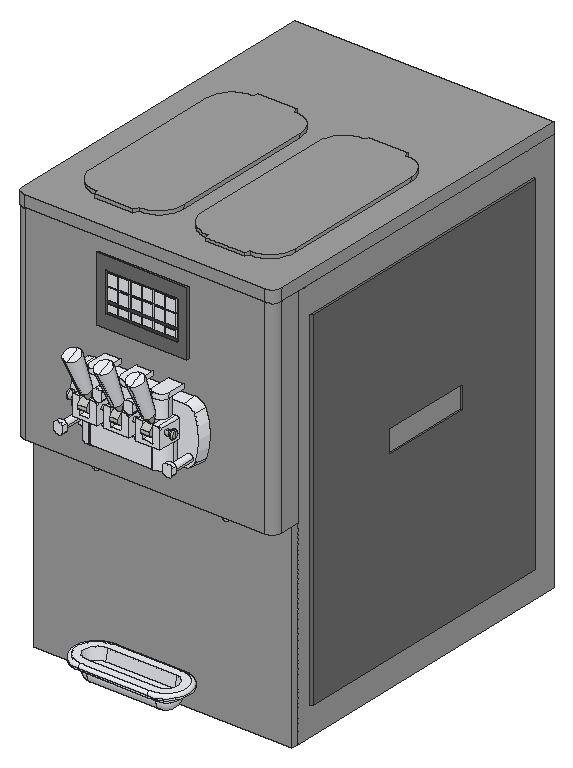
Revit family "QF_ELECTROLUXPROFESSIONAL_560075_POR214DPA3PHCM", category Specialty Equipment, Revit 2018
Family settings
  Round Connector Dimension = Use Diameter
  Part Type = Normal
  Work Plane-Based = No
  Always vertical = Yes
  Cut with Voids When Loaded = No
  Shared = No
  Room Calculation Point = No
Parameters
  Watts = 0 W
  HP = ""
  Direct Waste Size = 0 mm
Reference planes
  plane 1 "Center (Front/Back)": y = 0
  plane 2: z = 0
  plane 3 "Center (Left/Right)": x = 0
  plane 4 "BASE": z = 39
  plane 5 "TOP": z = 938
  plane 6 "FRONT": y = -417
  plane 7 "BACK": y = 483
  plane 8 "LEFT": x = -286
  plane 9 "RIGHT": x = 286
  plane 10 "PLANE": z = 125
  plane 11: z = 538
  plane 12: y = 324
  plane 13: y = -110
  plane 14: x = -173
  plane 15: x = 173
  plane 16: y = 462
  plane 17: y = 442
  plane 18 "Panel": y = -227
  plane 19 "CenterX": y = -330.377
  plane 20 "CenterYRight": x = 68
  plane 21 "DispenserX": z = 639.903
  plane 22 "HoleY": y = -352.094
  plane 23: y = -376
  plane 24: z = 744
  plane 25 "CenterYLeft": x = -68
Forms (mm)
  Extrusion 1, solid, material "QF_Finishes_Rubber Black"
    sketch origin (-26, 37, 0) x (1, 0, 0) y (0, 1, 0)
      loop
        circle (-147, 287) r 20
    from 30 to 0
  Extrusion 2, solid, material "QF_Finishes_Rubber Black"
    sketch origin (-26, 0, 0) x (1, 0, 0) y (0, 1, 0)
      loop
        circle (-147, -111) r 20
    from 30 to 0
  Extrusion 3, solid, material "QF_Finishes_Rubber Black"
    sketch origin (30.903, 37, 0) x (1, 0, 0) y (0, 1, 0)
      loop
        circle (142.097, 287) r 20
    from 30 to 0
  Extrusion 4, solid, material "QF_Finishes_Rubber Black"
    sketch origin (30.903, 0, 0) x (1, 0, 0) y (0, 1, 0)
      loop
        circle (142.097, -111) r 20
    from 30 to 0
  Extrusion 5, solid, material "QF_Finishes_Rubber Black"
    sketch origin (53.5, 0, 0) x (1, 0, 0) y (0, 1, 0)
      loop
        line (225.5, 410) -> (225.5, -198.201) -> (232.5, -191.201) -> (232.5, 403) -> (225.5, 410)
    from 94.387 to 848
  Extrusion 6, solid, material "QF_Finishes_Gray"
    sketch origin (0, 0, 0) x (1, 0, 0) y (0, 1, 0)
      loop
        line (-277.5, 462) -> (-277.5, -227) -> (279, -227) -> (279, 462) -> (-277.5, 462)
    from 906 to 30
  Extrusion 7, solid, material "QF_Finishes_Gray"
    sketch origin (120, 0, 0) x (1, 0, 0) y (0, 1, 0)
      loop
        line (-100, 152.026) -> (-100, -159.18)
        arc (-100, -159.18) -> (-83.917, -198.045) -> (-45.075, -214.18) r 55
        line (-45.075, -214.18) -> (-41.655, -223.577) -> (41.655, -223.577) -> (45.075, -214.18)
        arc (45.075, -214.18) -> (83.917, -198.045) -> (100, -159.18) r 55
        line (100, -159.18) -> (100, 152.026)
        arc (100, 152.026) -> (83.917, 190.89) -> (45.075, 207.026) r 55
        line (45.075, 207.026) -> (41.655, 216.423) -> (-41.655, 216.423) -> (-45.075, 207.026)
        arc (-45.075, 207.026) -> (-83.917, 190.89) -> (-100, 152.026) r 55
    from 938 to 931
  Extrusion 8, solid, material "QF_Finishes_Gray"
    sketch origin (0, 0, 0) x (1, 0, 0) y (0, 1, 0)
      loop
        line (-279, 462) -> (-279, -270.442)
        arc (-279, -270.442) -> (-273.142, -284.584) -> (-259, -290.442) r 20
        line (-259, -290.442) -> (259, -290.442)
        arc (259, -290.442) -> (273.142, -284.584) -> (279, -270.442) r 20
        line (279, -270.442) -> (279, 462) -> (-279, 462)
    from 931 to 906
  Extrusion 9, solid, material "QF_Finishes_Gray"
    sketch origin (0, 0, 0) x (1, 0, 0) y (0, 1, 0)
      loop
        arc (-277.5, -270.442) -> (-271.642, -284.584) -> (-257.5, -290.442) r 20
        line (-257.5, -290.442) -> (259, -290.442)
        arc (259, -290.442) -> (273.142, -284.584) -> (279, -270.442) r 20
        line (279, -270.442) -> (279, -227) -> (-277.5, -227) -> (-277.5, -270.442)
    from 458.874 to 906
  Extrusion 10, solid, material "QF_Finishes_Gray"
    sketch origin (0, 0, 0) x (1, 0, 0) y (0, 1, 0)
      loop
        line (-277.5, -227) -> (-277.5, -242) -> (279, -242) -> (279, -227) -> (-277.5, -227)
    from 30 to 458.874
  Extrusion 11, solid, material "QF_Finishes_Rubber Black"
    sketch origin (0, -417, 137) x (-1, 0, 0) y (0, 0, 1)
      loop
        line (-95, 742) -> (-95, 602) -> (100, 602) -> (100, 742) -> (-95, 742)
      loop
        line (80, 715) -> (-75, 715) -> (-75, 629) -> (80, 629) -> (80, 715)
    from 131.011 to 121
  Extrusion 12, solid, material "QF_Plastic-Black-Matte"
    sketch origin (0, -417, 137) x (-1, 0, 0) y (0, 0, 1)
      loop
        line (80, 715) -> (-75, 715) -> (-75, 629) -> (80, 629) -> (80, 715)
    from 131.011 to 123
  Blend 13, solid, material "QF_Finishes_White"
    base sketch origin (0, -417, 136.997) x (-1, 0, 0) y (0, 0, 1)
      loop
        arc (-108.068, 534.877) -> (-121.761, 530.793) -> (-130.981, 519.877) r 25
        arc (-130.981, 519.877) -> (-141.26, 470.627) -> (-130.981, 421.378) r 123.124
        arc (-130.981, 421.378) -> (-121.761, 410.462) -> (-108.068, 406.378) r 25
        line (-108.068, 406.378) -> (108.068, 406.378)
        arc (108.068, 406.378) -> (121.761, 410.462) -> (130.981, 421.378) r 25
        arc (130.981, 421.378) -> (141.26, 470.627) -> (130.981, 519.877) r 123.124
        arc (130.981, 519.877) -> (121.761, 530.793) -> (108.068, 534.877) r 25
        line (108.068, 534.877) -> (-108.068, 534.877)
    top sketch origin (0, -417, 136.997) x (-1, 0, 0) y (0, 0, 1)
      loop
        arc (-128.231, 518.677) -> (-138.26, 470.627) -> (-128.231, 422.578) r 120.124
        arc (-128.231, 422.578) -> (-120.118, 412.972) -> (-108.068, 409.378) r 22
        line (-108.068, 409.378) -> (108.068, 409.378)
        arc (108.068, 409.378) -> (120.118, 412.972) -> (128.231, 422.578) r 22
        arc (128.231, 422.578) -> (138.26, 470.627) -> (128.231, 518.677) r 120.124
        arc (128.231, 518.677) -> (120.118, 528.283) -> (108.068, 531.877) r 22
        line (108.068, 531.877) -> (-108.068, 531.877)
        arc (-108.068, 531.877) -> (-120.118, 528.283) -> (-128.231, 518.677) r 22
    from 126.558 to 100
  Sweep 14, solid, material "QF_Finishes_White"
    path origin (-49.912, 1.098, 0) x (1, 0, 0) y (0, 1, 0)
      loop
        arc (124.288, -377.098) -> (174.152, -327.234) -> (124.288, -277.37) r 49.864
        line (124.288, -277.37) -> (-24.465, -277.37)
        arc (-24.465, -277.37) -> (-74.329, -327.234) -> (-24.465, -377.098) r 49.864
        line (-24.465, -377.098) -> (124.288, -377.098)
    profile origin (0, -376, 0) x (0, -1, 0) y (0, 0, 1)
      loop
        arc (-44.804, 75.948) -> (-28.996, 82.496) -> (-22.447, 98.305) r 22.357
        line (-22.447, 98.305) -> (-20.953, 115.387) -> (0, 115.387) -> (0, 118.387)
        arc (0, 118.387) -> (-1.937, 123.063) -> (-6.613, 125) r 6.613
        line (-6.613, 125) -> (-23.219, 125) -> (-25.397, 100.095) -> (-44.804, 100.095) -> (-44.804, 75.948)
  Revolve 15, solid, material "QF_Finishes_White"
    sketch origin (19.411, -330.377, 136.997) x (-1, 0, 0) y (0, 0, 1)
      loop
        line (-22, 458.985) -> (-45.961, 458.985) -> (-45.961, 502.906) -> (-32, 502.906) -> (-32, 540.7) -> (-48.589, 540.7) -> (-48.589, 399)
        arc (-48.589, 399) -> (-35.782, 401.599) -> (-25, 408.985) r 32.856
        line (-25, 408.985) -> (-22, 408.985) -> (-22, 458.985)
      axis (-48.589, 399) -> (-48.589, 540.7)
    angle from 0 to 360
  Extrusion 16, solid, material "QF_Finishes_White"
    sketch origin (19.411, -417, 136.997) x (-1, 0, 0) y (0, 0, 1)
      loop
        line (-75.178, 458.985) -> (-22, 458.985) -> (-22, 497.906)
        arc (-22, 497.906) -> (-23.465, 501.442) -> (-27, 502.906) r 5
        line (-27, 502.906) -> (-37.291, 502.906) -> (-37.291, 466.693) -> (-59.888, 466.693) -> (-59.888, 502.906) -> (-70.178, 502.906)
        arc (-70.178, 502.906) -> (-73.714, 501.442) -> (-75.178, 497.906) r 5
        line (-75.178, 497.906) -> (-75.178, 458.985)
      loop
        line (-7.178, 458.985) -> (46, 458.985) -> (46, 497.906)
        arc (46, 497.906) -> (44.535, 501.442) -> (41, 502.906) r 5
        line (41, 502.906) -> (30.709, 502.906) -> (30.709, 466.693) -> (8.112, 466.693) -> (8.112, 502.906) -> (-2.178, 502.906)
        arc (-2.178, 502.906) -> (-5.714, 501.442) -> (-7.178, 497.906) r 5
        line (-7.178, 497.906) -> (-7.178, 458.985)
      loop
        line (60.822, 458.985) -> (114, 458.985) -> (114, 497.906)
        arc (114, 497.906) -> (112.535, 501.442) -> (109, 502.906) r 5
        line (109, 502.906) -> (98.709, 502.906) -> (98.709, 466.693) -> (76.112, 466.693) -> (76.112, 502.906) -> (65.822, 502.906)
        arc (65.822, 502.906) -> (62.286, 501.442) -> (60.822, 497.906) r 5
        line (60.822, 497.906) -> (60.822, 458.985)
    from 50 to 100
  Extrusion 17, solid, material "QF_Finishes_Stainless Steel"
    sketch origin (68, 0, 136.997) x (0, -1, 0) y (0, 0, 1)
      loop
        line (373.914, 482.086) -> (373.914, 490.013)
        arc (373.914, 490.013) -> (366.814, 497.612) -> (357.048, 501.185) r 22.391
        line (357.048, 501.185) -> (325.071, 496.12)
        arc (325.071, 496.12) -> (320.535, 488.808) -> (325.071, 481.495) r 8.163
        line (325.071, 481.495) -> (357.048, 476.43) -> (361.14, 476.43)
        arc (361.14, 476.43) -> (368.005, 478.177) -> (373.914, 482.086) r 21.226
    from -9 to 9
  Revolve 18, solid, material "QF_Finishes_Stainless Steel"
    sketch origin (68, -62.317, 96.738) x (0, -0.992546, 0.121869) y (0, 0.121869, 0.992546)
      loop
        line (359.559, 501.454) -> (369.701, 518.772) -> (359.942, 525.028) -> (355.825, 503.848) -> (359.559, 501.454)
      axis (359.559, 501.454) -> (369.937, 519.174)
    angle from 0 to 360
  Revolve 19, solid, material "QF_Finishes_White"
    sketch origin (68, -61.765, 96.738) x (0, -0.992546, 0.121869) y (0, 0.121869, 0.992546)
      loop
        line (360.214, 525.122) -> (370.502, 518.527) -> (414.51, 593.671) -> (399.928, 603.018) -> (360.214, 525.122)
      axis (370.502, 518.527) -> (414.862, 594.271)
    angle from 0 to 360
  Extrusion 20, solid, material "QF_Finishes_White"
    sketch origin (3, -417, 115.997) x (-1, 0, 0) y (0, 0, 1)
      loop
        circle (-114.635, 451.539) r 7.506
    from 50 to 100
  Extrusion 21, solid, material "QF_Finishes_White"
    sketch origin (3, -417, 116.997) x (-1, 0, 0) y (0, 0, 1)
      loop
        arc (-104.635, 459.044) -> (-114.635, 464.044) -> (-124.635, 459.044) r 12.5
        line (-124.635, 459.044) -> (-124.635, 444.044)
        arc (-124.635, 444.044) -> (-114.635, 439.044) -> (-104.635, 444.044) r 12.5
        line (-104.635, 444.044) -> (-104.635, 459.044)
    from 41 to 50
  Extrusion 22, solid, material "QF_Finishes_White"
    sketch origin (81.157, -417, 210.997) x (1, 0, 0) y (0, 0, -1)
      loop
        circle (-114.635, -451.539) r 7.506
    from 50 to 100
  Extrusion 23, solid, material "QF_Finishes_White"
    sketch origin (81.157, -417, 209.702) x (1, 0, 0) y (0, 0, -1)
      loop
        line (-104.635, -459.044) -> (-104.635, -444.044)
        arc (-104.635, -444.044) -> (-114.635, -439.044) -> (-124.635, -444.044) r 12.5
        line (-124.635, -444.044) -> (-124.635, -459.044)
        arc (-124.635, -459.044) -> (-114.635, -464.044) -> (-104.635, -459.044) r 12.5
    from 41 to 50
  Extrusion 24, solid, material "QF_Finishes_White"
    sketch origin (19.411, 0.327, 639.903) x (-1, 0, 0) y (0, -1, 0)
      loop
        arc (-32, 330.71) -> (-48.589, 347.299) -> (-65.178, 330.71) r 16.589
        line (-65.178, 330.71) -> (-65.178, 290.768) -> (-32, 290.768) -> (-32, 330.71)
    from 37.793 to 47.43
  Extrusion 25, solid, material "QF_Finishes_White"
    sketch origin (0, 1.098, 125) x (0, 1, 0) y (-1, 0, 0)
      loop
        line (-332.294, 74.376) -> (-332.294, -74.376)
        arc (-332.294, -74.376) -> (-327.234, -79.436) -> (-322.174, -74.376) r 5.06
        line (-322.174, -74.376) -> (-322.174, 74.376)
        arc (-322.174, 74.376) -> (-327.234, 79.436) -> (-332.294, 74.376) r 5.06
    from -48.53 to -24.905
  Extrusion 26, solid, material "QF_Finishes_Stainless Steel"
    sketch origin (0, 0, 0) x (0, 1, 0) y (0, 0, 1)
      loop
        line (-277.271, 115.387) -> (-280.273, 115.387) -> (-280.273, 94.387) -> (-245, 94.387) -> (-245, 62.387) -> (-242, 62.387) -> (-242, 97.387) -> (-277.271, 97.387) -> (-277.271, 115.387)
    from -56 to 56
  Extrusion 27, void
    sketch origin (68, 7, 136.997) x (0, -1, 0) y (0, 0, 1)
      loop
        circle (359.094, 488.808) r 5
    from -31.589 to 167.589
  Revolve 28, solid, material "QF_Finishes_Stainless Steel"
    sketch origin (0, -352.094, 136.997) x (0, 0, 1) y (1, 0, 0)
      loop
        line (488.808, 114.444) -> (488.808, -114.444) -> (495.124, -114.444) -> (497.46, -112.107) -> (497.46, -109.278) -> (493.808, -104.062) -> (493.808, 104.062) -> (497.46, 109.278) -> (497.46, 112.107) -> (495.124, 114.444) -> (488.808, 114.444)
      axis (488.808, -114.444) -> (488.808, 114.444)
    angle from 0 to 360
  Extrusion 29, solid, material "QF_Finishes_Stainless Steel"
    sketch origin (0, -227, 80.681) x (1, 0, 0) y (0, 0, 1)
      loop
        circle (-142.42, 350.164) r 10
      loop
        circle (137.549, 350.164) r 10
    from 15 to 17.498
  Extrusion 30, solid, material "QF_Finishes_Stainless Steel"
    sketch origin (-311.5, 0, 39) x (-1, 0, 0) y (0, -1, 0)
      loop
        circle (-170.5, -192) r 20
    from 0 to -11.079
  Extrusion 31, solid, material "QF_Finishes_White"
    sketch origin (0, -417, 137) x (-1, 0, 0) y (0, 0, 1)
      loop
        line (-72, 686) -> (-50, 686) -> (-50, 711) -> (-72, 711) -> (-72, 686)
      loop
        line (-48, 686) -> (-26, 686) -> (-26, 711) -> (-48, 711) -> (-48, 686)
      loop
        line (-21.5, 686) -> (0.5, 686) -> (0.5, 711) -> (-21.5, 711) -> (-21.5, 686)
      loop
        line (2.5, 686) -> (24.5, 686) -> (24.5, 711) -> (2.5, 711) -> (2.5, 686)
      loop
        line (29, 686) -> (51, 686) -> (51, 711) -> (29, 711) -> (29, 686)
      loop
        line (53, 686) -> (75, 686) -> (75, 711) -> (53, 711) -> (53, 686)
      loop
        line (-72, 658) -> (-50, 658) -> (-50, 683) -> (-72, 683) -> (-72, 658)
      loop
        line (-48, 658) -> (-26, 658) -> (-26, 683) -> (-48, 683) -> (-48, 658)
      loop
        line (-21.5, 658) -> (0.5, 658) -> (0.5, 683) -> (-21.5, 683) -> (-21.5, 658)
      loop
        line (2.5, 658) -> (24.5, 658) -> (24.5, 683) -> (2.5, 683) -> (2.5, 658)
      loop
        line (29, 658) -> (51, 658) -> (51, 683) -> (29, 683) -> (29, 658)
      loop
        line (53, 658) -> (75, 658) -> (75, 683) -> (53, 683) -> (53, 658)
      loop
        line (-72, 636) -> (-50, 636) -> (-50, 651) -> (-72, 651) -> (-72, 636)
      loop
        line (-48, 636) -> (-26, 636) -> (-26, 651) -> (-48, 651) -> (-48, 636)
      loop
        line (-21.5, 636) -> (0.5, 636) -> (0.5, 651) -> (-21.5, 651) -> (-21.5, 636)
      loop
        line (2.5, 636) -> (24.5, 636) -> (24.5, 651) -> (2.5, 651) -> (2.5, 636)
      loop
        line (29, 636) -> (51, 636) -> (51, 651) -> (29, 651) -> (29, 636)
      loop
        line (53, 636) -> (75, 636) -> (75, 651) -> (53, 651) -> (53, 636)
    from 123 to 121
  Extrusion 32, solid, material "QF_Finishes_Stainless Steel"
    sketch origin (-68, 0, 0) x (0, -1, 0) y (0, 0, 1)
      loop
        line (373.914, 619.083) -> (373.914, 627.01)
        arc (373.914, 627.01) -> (366.814, 634.609) -> (357.048, 638.181) r 22.391
        line (357.048, 638.181) -> (325.071, 633.117)
        arc (325.071, 633.117) -> (320.535, 625.804) -> (325.071, 618.492) r 8.163
        line (325.071, 618.492) -> (357.048, 613.427) -> (361.14, 613.427)
        arc (361.14, 613.427) -> (368.005, 615.174) -> (373.914, 619.083) r 21.226
    from -9 to 9
  Extrusion 33, solid, material "QF_Finishes_Stainless Steel"
    sketch origin (0, 0, 0) x (0, 1, 0) y (0, 0, 1)
      loop
        arc (-373.914, 619.083) -> (-368.005, 615.174) -> (-361.14, 613.427) r 21.226
        line (-361.14, 613.427) -> (-357.048, 613.427) -> (-325.071, 618.492)
        arc (-325.071, 618.492) -> (-320.535, 625.804) -> (-325.071, 633.117) r 8.163
        line (-325.071, 633.117) -> (-357.048, 638.181)
        arc (-357.048, 638.181) -> (-366.814, 634.609) -> (-373.914, 627.01) r 22.391
        line (-373.914, 627.01) -> (-373.914, 619.083)
    from -9 to 9
  Extrusion 34, solid, material "QF_Finishes_White"
    sketch origin (-3, -417, 115.997) x (1, 0, 0) y (0, 0, -1)
      loop
        circle (-114.635, -451.539) r 7.506
    from 50 to 100
  Extrusion 35, solid, material "QF_Finishes_White"
    sketch origin (-3, -417, 116.997) x (1, 0, 0) y (0, 0, -1)
      loop
        line (-104.635, -459.044) -> (-104.635, -444.044)
        arc (-104.635, -444.044) -> (-114.635, -439.044) -> (-124.635, -444.044) r 12.5
        line (-124.635, -444.044) -> (-124.635, -459.044)
        arc (-124.635, -459.044) -> (-114.635, -464.044) -> (-104.635, -459.044) r 12.5
    from 41 to 50
  Extrusion 36, solid, material "QF_Finishes_White"
    sketch origin (-81.157, -417, 210.997) x (-1, 0, 0) y (0, 0, 1)
      loop
        circle (-114.635, 451.539) r 7.506
    from 50 to 100
  Extrusion 37, solid, material "QF_Finishes_White"
    sketch origin (-81.157, -417, 209.702) x (-1, 0, 0) y (0, 0, 1)
      loop
        arc (-104.635, 459.044) -> (-114.635, 464.044) -> (-124.635, 459.044) r 12.5
        line (-124.635, 459.044) -> (-124.635, 444.044)
        arc (-124.635, 444.044) -> (-114.635, 439.044) -> (-104.635, 444.044) r 12.5
        line (-104.635, 444.044) -> (-104.635, 459.044)
    from 41 to 50
  Revolve 38, solid, material "QF_Finishes_White"
    sketch origin (-48.589, -330.377, 136.997) x (-1, 0, 0) y (0, 0, 1)
      loop
        line (-22, 458.985) -> (-45.961, 458.985) -> (-45.961, 502.906) -> (-32, 502.906) -> (-32, 540.7) -> (-48.589, 540.7) -> (-48.589, 399)
        arc (-48.589, 399) -> (-35.782, 401.599) -> (-25, 408.985) r 32.856
        line (-25, 408.985) -> (-22, 408.985) -> (-22, 458.985)
      axis (-48.589, 399) -> (-48.589, 540.7)
    angle from 0 to 360
  Revolve 39, solid, material "QF_Finishes_White"
    sketch origin (-116.589, -330.377, 136.997) x (-1, 0, 0) y (0, 0, 1)
      loop
        line (-22, 458.985) -> (-45.961, 458.985) -> (-45.961, 502.906) -> (-32, 502.906) -> (-32, 540.7) -> (-48.589, 540.7) -> (-48.589, 399)
        arc (-48.589, 399) -> (-35.782, 401.599) -> (-25, 408.985) r 32.856
        line (-25, 408.985) -> (-22, 408.985) -> (-22, 458.985)
      axis (-48.589, 399) -> (-48.589, 540.7)
    angle from 0 to 360
  Extrusion 40, solid, material "QF_Finishes_White"
    sketch origin (-48.589, 0.327, 639.903) x (-1, 0, 0) y (0, -1, 0)
      loop
        arc (-32, 330.71) -> (-48.589, 347.299) -> (-65.178, 330.71) r 16.589
        line (-65.178, 330.71) -> (-65.178, 290.768) -> (-32, 290.768) -> (-32, 330.71)
    from 37.793 to 47.43
  Extrusion 41, solid, material "QF_Finishes_White"
    sketch origin (-116.589, 0.327, 639.903) x (-1, 0, 0) y (0, -1, 0)
      loop
        arc (-32, 330.71) -> (-48.589, 347.299) -> (-65.178, 330.71) r 16.589
        line (-65.178, 330.71) -> (-65.178, 290.768) -> (-32, 290.768) -> (-32, 330.71)
    from 37.793 to 47.43
  Extrusion 42, solid, material "QF_Finishes_Rubber Black"
    sketch origin (-53.5, 0, 0) x (-1, 0, 0) y (0, -1, 0)
      loop
        line (225.5, -410) -> (232.5, -403) -> (232.5, 191.201) -> (225.5, 198.201) -> (225.5, -410)
    from 94.387 to 848
  Extrusion 43, solid, material "QF_Finishes_Gray"
    sketch origin (-120, 0, 0) x (-1, 0, 0) y (0, -1, 0)
      loop
        arc (-100, -152.026) -> (-83.917, -190.89) -> (-45.075, -207.026) r 55
        line (-45.075, -207.026) -> (-41.655, -216.423) -> (41.655, -216.423) -> (45.075, -207.026)
        arc (45.075, -207.026) -> (83.917, -190.89) -> (100, -152.026) r 55
        line (100, -152.026) -> (100, 159.18)
        arc (100, 159.18) -> (83.917, 198.045) -> (45.075, 214.18) r 55
        line (45.075, 214.18) -> (41.655, 223.577) -> (-41.655, 223.577) -> (-45.075, 214.18)
        arc (-45.075, 214.18) -> (-83.917, 198.045) -> (-100, 159.18) r 55
        line (-100, 159.18) -> (-100, -152.026)
    from 938 to 931
  Extrusion 44, solid, material "QF_Finishes_Rubber Black"
    sketch origin (0, 483, 0) x (-1, 0, 0) y (0, 0, 1)
      loop
        circle (0, 276.604) r 190
      loop
        circle (0, 276.604) r 40
      loop
        circle (0, 276.604) r 20
      loop
        circle (0, 276.604) r 15
    from -21 to 0
  Extrusion 45, void
    sketch origin (286, 0, 0) x (0, -1, 0) y (0, 0, 1)
      loop
        line (-10, 538) -> (-210, 538) -> (-210, 488) -> (-10, 488) -> (-10, 538)
    from 7 to -7.72
  Extrusion 46, solid, material "QF_Finishes_White"
    sketch origin (0, -330.377, 0) x (-1, 0, 0) y (0, 0, 1)
      loop
        line (68, 595.982) -> (41.411, 595.982)
        arc (41.411, 595.982) -> (34, 592.136) -> (26.589, 595.982) r 9.063
        line (26.589, 595.982) -> (-26.589, 595.982)
        arc (-26.589, 595.982) -> (-34, 592.136) -> (-41.411, 595.982) r 9.063
        line (-41.411, 595.982) -> (-68, 595.982) -> (-68, 545.982) -> (68, 545.982) -> (68, 595.982)
    from -26.5 to 0
  Revolve 47, solid, material "QF_Finishes_Stainless Steel"
    sketch origin (0, -62.317, 96.738) x (0, -0.992546, 0.121869) y (0, 0.121869, 0.992546)
      loop
        line (359.559, 501.454) -> (369.701, 518.772) -> (359.942, 525.028) -> (355.825, 503.848) -> (359.559, 501.454)
      axis (359.559, 501.454) -> (369.937, 519.174)
    angle from 0 to 360
  Revolve 48, solid, material "QF_Finishes_White"
    sketch origin (0, -61.765, 96.738) x (0, -0.992546, 0.121869) y (0, 0.121869, 0.992546)
      loop
        line (360.214, 525.122) -> (370.502, 518.527) -> (414.51, 593.671) -> (399.928, 603.018) -> (360.214, 525.122)
      axis (370.502, 518.527) -> (414.862, 594.271)
    angle from 0 to 360
  Revolve 49, solid, material "QF_Finishes_Stainless Steel"
    sketch origin (-68, -62.317, 96.738) x (0, -0.992546, 0.121869) y (0, 0.121869, 0.992546)
      loop
        line (359.559, 501.454) -> (369.701, 518.772) -> (359.942, 525.028) -> (355.825, 503.848) -> (359.559, 501.454)
      axis (359.559, 501.454) -> (369.937, 519.174)
    angle from 0 to 360
  Revolve 50, solid, material "QF_Finishes_White"
    sketch origin (-68, -61.765, 96.738) x (0, -0.992546, 0.121869) y (0, 0.121869, 0.992546)
      loop
        line (360.214, 525.122) -> (370.502, 518.527) -> (414.51, 593.671) -> (399.928, 603.018) -> (360.214, 525.122)
      axis (370.502, 518.527) -> (414.862, 594.271)
    angle from 0 to 360
Cuts and joins
  Extrusion 27 cuts Extrusion 16
  Extrusion 27 cuts Extrusion 17
  Extrusion 27 cuts Extrusion 22
  joined: Sweep 14, Extrusion 25
  Extrusion 45 cuts Extrusion 5
  Extrusion 45 cuts Extrusion 6
Lines and regions (mm)
  symbolic lines
    curve 1: line (190, 483, 39) -> (-190, 483, 39)
    curve 2: line (279, 462, 39) -> (-279, 462, 39)
    curve 3: line (-279, 462, 39) -> (-279, -270.442, 39)
    curve 4: line (-279, 410, 39) -> (-286, 403, 39)
    curve 5: line (-286, 403, 39) -> (-286, -191.201, 39)
    curve 6: line (279, -270.442, 39) -> (279, 462, 39)
    curve 7: line (286, 403, 39) -> (279, 410, 39)
    curve 8: line (286, -191.201, 39) -> (286, 403, 39)
    curve 9: line (279, -198.201, 39) -> (286, -191.201, 39)
    curve 10: line (-286, -191.201, 39) -> (-279, -198.201, 39)
    curve 11: arc (-279, -270.442, 39) -> (-273.142, -284.584, 39) -> (-259, -290.442, 39) r 20
    curve 12: line (-259, -290.442, 39) -> (259, -290.442, 39)
    curve 13: arc (259, -290.442, 39) -> (273.142, -284.584, 39) -> (279, -270.442, 39) r 20
    curve 14: arc (-220, -159.18, 39) -> (-203.917, -198.045, 39) -> (-165.075, -214.18, 39) r 55
    curve 15: line (-165.075, -214.18, 39) -> (-161.655, -223.577, 39)
    curve 16: line (-161.655, -223.577, 39) -> (-78.345, -223.577, 39)
    curve 17: line (-78.345, -223.577, 39) -> (-74.925, -214.18, 39)
    curve 18: arc (-74.925, -214.18, 39) -> (-36.083, -198.045, 39) -> (-20, -159.18, 39) r 55
    curve 19: line (-20, -159.18, 39) -> (-20, 152.026, 39)
    curve 20: line (-220, 152.026, 39) -> (-220, -159.18, 39)
    curve 21: arc (20, -159.18, 39) -> (36.083, -198.045, 39) -> (74.925, -214.18, 39) r 55
    curve 22: line (20, 152.026, 39) -> (20, -159.18, 39)
    curve 23: line (74.925, -214.18, 39) -> (78.345, -223.577, 39)
    curve 24: line (78.345, -223.577, 39) -> (161.655, -223.577, 39)
    curve 25: line (161.655, -223.577, 39) -> (165.075, -214.18, 39)
    curve 26: arc (165.075, -214.18, 39) -> (203.917, -198.045, 39) -> (220, -159.18, 39) r 55
    curve 27: line (220, -159.18, 39) -> (220, 152.026, 39)
    curve 28: arc (-165, 207.026, 39) -> (-203.891, 190.917, 39) -> (-220, 152.026, 39) r 55
    curve 29: line (-78.345, 216.423, 39) -> (-161.655, 216.423, 39)
    curve 30: line (-74.925, 207.026, 39) -> (-78.345, 216.423, 39)
    curve 31: arc (-20, 152.026, 39) -> (-36.083, 190.89, 39) -> (-74.925, 207.026, 39) r 55
    curve 32: arc (74.925, 207.026, 39) -> (36.083, 190.89, 39) -> (20, 152.026, 39) r 55
    curve 33: line (161.655, 216.423, 39) -> (78.345, 216.423, 39)
    curve 34: line (78.345, 216.423, 39) -> (74.925, 207.026, 39)
    curve 35: line (165.075, 207.026, 39) -> (161.655, 216.423, 39)
    curve 36: arc (220, 152.026, 39) -> (203.917, 190.89, 39) -> (165.075, 207.026, 39) r 55
    curve 37: line (-100, -296, 39) -> (95, -296, 39)
    curve 38: arc (51.411, -330.384, 39) -> (68, -346.973, 39) -> (84.589, -330.384, 39) r 16.589
    curve 39: spline (68, -385.223, 39) -> (72.479, -385.764, 39) -> (76.653, -387.351, 39) -> (80.238, -389.876, 39) -> (82.988, -393.167, 39) -> (84.717, -396.999, 39) -> (85.307, -401.111, 39) -> (84.717, -405.224, 39) -> (82.988, -409.056, 39) -> (80.238, -412.346, 39) -> (76.653, -414.871, 39) -> (72.479, -416.459, 39) -> (68, -417, 39)
    curve 40: spline (68, -417, 39) -> (63.521, -416.459, 39) -> (59.347, -414.871, 39) -> (55.762, -412.346, 39) -> (53.012, -409.056, 39) -> (51.283, -405.224, 39) -> (50.693, -401.111, 39) -> (51.283, -396.999, 39) -> (53.012, -393.167, 39) -> (55.762, -389.876, 39) -> (59.347, -387.351, 39) -> (63.521, -385.764, 39) -> (68, -385.223, 39)
    curve 41: spline (79.943, -364.177, 39) -> (79.066, -361.77, 39) -> (77.622, -359.606, 39) -> (75.684, -357.796, 39) -> (73.353, -356.433, 39) -> (70.747, -355.585, 39) -> (68, -355.298, 39) -> (65.253, -355.585, 39) -> (62.647, -356.433, 39) -> (60.316, -357.796, 39) -> (58.378, -359.606, 39) -> (56.934, -361.77, 39) -> (56.057, -364.177, 39)
    curve 42: spline (70.861, -355.047, 39) -> (70.446, -354.762, 39) -> (69.999, -354.523, 39) -> (69.523, -354.334, 39) -> (69.027, -354.196, 39) -> (68.517, -354.113, 39) -> (68, -354.086, 39) -> (67.483, -354.113, 39) -> (66.973, -354.196, 39) -> (66.477, -354.334, 39) -> (66.001, -354.523, 39) -> (65.554, -354.762, 39) -> (65.139, -355.047, 39)
    curve 43: arc (97.074, -317, 39) -> (98.701, -328.772, 39) -> (94.589, -339.923, 39) r 24.467
    curve 44: arc (94.589, -343.498, 39) -> (100.592, -330.903, 39) -> (99.407, -317, 39) r 26.646
    curve 45: line (127.635, -367, 39) -> (107.635, -367, 39)
    curve 46: line (127.635, -376, 39) -> (127.635, -367, 39)
    curve 47: line (107.635, -367, 39) -> (107.635, -376, 39)
    curve 48: line (107.635, -376, 39) -> (127.635, -376, 39)
    curve 49: line (56.057, -364.177, 39) -> (50.877, -398.792, 39)
    curve 50: line (79.943, -364.177, 39) -> (85.123, -398.792, 39)
    curve 51: line (56.701, -342.53, 39) -> (56.701, -362.258, 39)
    curve 52: line (59, -344.319, 39) -> (59, -358.932, 39)
    curve 53: line (79.299, -342.53, 39) -> (79.299, -362.258, 39)
    curve 54: line (77, -344.319, 39) -> (77, -358.932, 39)
    curve 55: line (125.141, -367, 39) -> (125.141, -317, 39)
    curve 56: line (94.589, -347.094, 39) -> (104.062, -347.094, 39)
    curve 57: line (94.589, -357.094, 39) -> (104.062, -357.094, 39)
    curve 58: line (104.062, -357.094, 39) -> (109.267, -360.739, 39)
    curve 59: line (109.267, -360.739, 39) -> (112.102, -360.739, 39)
    curve 60: line (112.102, -360.739, 39) -> (114.444, -358.397, 39)
    curve 61: line (114.444, -358.397, 39) -> (114.444, -345.79, 39)
    curve 62: line (104.062, -347.094, 39) -> (109.267, -343.449, 39)
    curve 63: line (109.267, -343.449, 39) -> (112.102, -343.449, 39)
    curve 64: line (112.102, -343.449, 39) -> (114.444, -345.79, 39)
    curve 65: line (109.267, -343.449, 39) -> (109.267, -360.739, 39)
    curve 66: line (112.102, -343.449, 39) -> (112.102, -360.739, 39)
    curve 67: line (104.062, -347.094, 39) -> (104.062, -357.094, 39)
    curve 68: line (94.589, -367, 39) -> (94.589, -317, 39)
    curve 69: line (94.589, -367, 39) -> (80.366, -367, 39)
    curve 70: line (55.634, -367, 39) -> (12.366, -367, 39)
    curve 71: line (40.984, -367, 39) -> (40.984, -317, 39)
    curve 72: line (25.973, -367, 39) -> (25.973, -317, 39)
    curve 73: line (43.479, -376, 39) -> (43.479, -367, 39)
    curve 74: line (23.479, -376, 39) -> (23.479, -367, 39)
    curve 75: line (138.26, -317, 39) -> (84.589, -317, 39)
    curve 76: line (51.411, -317, 39) -> (16.589, -317, 39)
    curve 77: line (-16.589, -317, 39) -> (-51.411, -317, 39)
    curve 78: line (-84.589, -317, 39) -> (-138.26, -317, 39)
    curve 79: line (-138.26, -317, 39) -> (-141.267, -290.442, 39)
    curve 80: line (84.589, -330.384, 39) -> (84.589, -296, 39)
    curve 81: line (51.411, -330.384, 39) -> (51.411, -296, 39)
    curve 82: arc (-16.589, -330.384, 39) -> (0, -346.973, 39) -> (16.589, -330.384, 39) r 16.589
    curve 83: spline (0, -385.223, 39) -> (4.479, -385.764, 39) -> (8.653, -387.351, 39) -> (12.238, -389.876, 39) -> (14.988, -393.167, 39) -> (16.717, -396.999, 39) -> (17.307, -401.111, 39) -> (16.717, -405.224, 39) -> (14.988, -409.056, 39) -> (12.238, -412.346, 39) -> (8.653, -414.871, 39) -> (4.479, -416.459, 39) -> (0, -417, 39)
    curve 84: spline (0, -417, 39) -> (-4.479, -416.459, 39) -> (-8.653, -414.871, 39) -> (-12.238, -412.346, 39) -> (-14.988, -409.056, 39) -> (-16.717, -405.224, 39) -> (-17.307, -401.111, 39) -> (-16.717, -396.999, 39) -> (-14.988, -393.167, 39) -> (-12.238, -389.876, 39) -> (-8.653, -387.351, 39) -> (-4.479, -385.764, 39) -> (0, -385.223, 39)
    curve 85: spline (11.943, -364.177, 39) -> (11.066, -361.77, 39) -> (9.622, -359.606, 39) -> (7.684, -357.796, 39) -> (5.353, -356.433, 39) -> (2.747, -355.585, 39) -> (0, -355.298, 39) -> (-2.747, -355.585, 39) -> (-5.353, -356.433, 39) -> (-7.684, -357.796, 39) -> (-9.622, -359.606, 39) -> (-11.066, -361.77, 39) -> (-11.943, -364.177, 39)
    curve 86: spline (2.861, -355.047, 39) -> (2.446, -354.762, 39) -> (1.999, -354.523, 39) -> (1.523, -354.334, 39) -> (1.027, -354.196, 39) -> (0.517, -354.113, 39) -> (0, -354.086, 39) -> (-0.517, -354.113, 39) -> (-1.027, -354.196, 39) -> (-1.523, -354.334, 39) -> (-1.999, -354.523, 39) -> (-2.446, -354.762, 39) -> (-2.861, -355.047, 39)
    curve 87: line (-11.943, -364.177, 39) -> (-17.123, -398.792, 39)
    curve 88: line (11.943, -364.177, 39) -> (17.123, -398.792, 39)
    curve 89: line (-11.299, -342.53, 39) -> (-11.299, -362.258, 39)
    curve 90: line (-9, -344.319, 39) -> (-9, -358.932, 39)
    curve 91: line (11.299, -342.53, 39) -> (11.299, -362.258, 39)
    curve 92: line (9, -344.319, 39) -> (9, -358.932, 39)
    curve 93: line (16.589, -330.384, 39) -> (16.589, -296, 39)
    curve 94: line (-16.589, -330.384, 39) -> (-16.589, -296, 39)
    curve 95: arc (-84.589, -330.384, 39) -> (-68, -346.973, 39) -> (-51.411, -330.384, 39) r 16.589
    curve 96: spline (-68, -385.223, 39) -> (-63.521, -385.764, 39) -> (-59.347, -387.351, 39) -> (-55.762, -389.876, 39) -> (-53.012, -393.167, 39) -> (-51.283, -396.999, 39) -> (-50.693, -401.111, 39) -> (-51.283, -405.224, 39) -> (-53.012, -409.056, 39) -> (-55.762, -412.346, 39) -> (-59.347, -414.871, 39) -> (-63.521, -416.459, 39) -> (-68, -417, 39)
    curve 97: spline (-68, -417, 39) -> (-72.479, -416.459, 39) -> (-76.653, -414.871, 39) -> (-80.238, -412.346, 39) -> (-82.988, -409.056, 39) -> (-84.717, -405.224, 39) -> (-85.307, -401.111, 39) -> (-84.717, -396.999, 39) -> (-82.988, -393.167, 39) -> (-80.238, -389.876, 39) -> (-76.653, -387.351, 39) -> (-72.479, -385.764, 39) -> (-68, -385.223, 39)
    curve 98: spline (-56.057, -364.177, 39) -> (-56.934, -361.77, 39) -> (-58.378, -359.606, 39) -> (-60.316, -357.796, 39) -> (-62.647, -356.433, 39) -> (-65.253, -355.585, 39) -> (-68, -355.298, 39) -> (-70.747, -355.585, 39) -> (-73.353, -356.433, 39) -> (-75.684, -357.796, 39) -> (-77.622, -359.606, 39) -> (-79.066, -361.77, 39) -> (-79.943, -364.177, 39)
    curve 99: spline (-65.139, -355.047, 39) -> (-65.554, -354.762, 39) -> (-66.001, -354.523, 39) -> (-66.477, -354.334, 39) -> (-66.973, -354.196, 39) -> (-67.483, -354.113, 39) -> (-68, -354.086, 39) -> (-68.517, -354.113, 39) -> (-69.027, -354.196, 39) -> (-69.523, -354.334, 39) -> (-69.999, -354.523, 39) -> (-70.446, -354.762, 39) -> (-70.861, -355.047, 39)
    curve 100: line (-79.943, -364.177, 39) -> (-85.123, -398.792, 39)
    curve 101: line (-56.057, -364.177, 39) -> (-50.877, -398.792, 39)
    curve 102: line (-79.299, -342.53, 39) -> (-79.299, -362.258, 39)
    curve 103: line (-77, -344.319, 39) -> (-77, -358.932, 39)
    curve 104: line (-56.701, -342.53, 39) -> (-56.701, -362.258, 39)
    curve 105: line (-59, -344.319, 39) -> (-59, -358.932, 39)
    curve 106: line (-51.411, -330.384, 39) -> (-51.411, -296, 39)
    curve 107: line (-84.589, -330.384, 39) -> (-84.589, -296, 39)
    curve 108: line (-40.984, -367, 39) -> (-40.984, -317, 39)
    curve 109: line (-25.973, -367, 39) -> (-25.973, -317, 39)
    curve 110: line (-43.479, -376, 39) -> (-43.479, -367, 39)
    curve 111: line (-23.479, -376, 39) -> (-23.479, -367, 39)
    curve 112: line (110.141, -317, 39) -> (110.141, -343.449, 39)
    curve 113: line (110.123, -367, 39) -> (110.123, -360.739, 39)
    curve 114: arc (-97.074, -317, 39) -> (-98.701, -328.772, 39) -> (-94.589, -339.923, 39) r 24.467
    curve 115: arc (-94.589, -343.498, 39) -> (-100.592, -330.903, 39) -> (-99.407, -317, 39) r 26.646
    curve 116: line (-127.635, -367, 39) -> (-107.635, -367, 39)
    curve 117: line (-127.635, -376, 39) -> (-127.635, -367, 39)
    curve 118: line (-107.635, -367, 39) -> (-107.635, -376, 39)
    curve 119: line (-107.635, -376, 39) -> (-127.635, -376, 39)
    curve 120: line (-125.141, -367, 39) -> (-125.141, -317, 39)
    curve 121: line (-94.589, -347.094, 39) -> (-104.062, -347.094, 39)
    curve 122: line (-94.589, -357.094, 39) -> (-104.062, -357.094, 39)
    curve 123: line (-104.062, -357.094, 39) -> (-109.267, -360.739, 39)
    curve 124: line (-109.267, -360.739, 39) -> (-112.102, -360.739, 39)
    curve 125: line (-112.102, -360.739, 39) -> (-114.444, -358.397, 39)
    curve 126: line (-114.444, -358.397, 39) -> (-114.444, -345.79, 39)
    curve 127: line (-104.062, -347.094, 39) -> (-109.267, -343.449, 39)
    curve 128: line (-109.267, -343.449, 39) -> (-112.102, -343.449, 39)
    curve 129: line (-112.102, -343.449, 39) -> (-114.444, -345.79, 39)
    curve 130: line (-109.267, -343.449, 39) -> (-109.267, -360.739, 39)
    curve 131: line (-112.102, -343.449, 39) -> (-112.102, -360.739, 39)
    curve 132: line (-104.062, -347.094, 39) -> (-104.062, -357.094, 39)
    curve 133: line (-94.589, -367, 39) -> (-94.589, -317, 39)
    curve 134: line (-110.141, -317, 39) -> (-110.141, -343.449, 39)
    curve 135: line (-110.123, -367, 39) -> (-110.123, -360.739, 39)
    curve 136: arc (81.631, -375.458, 39) -> (97.119, -370.584, 39) -> (110.123, -360.862, 39) r 48.384
    curve 137: arc (-81.631, -375.458, 39) -> (-97.195, -370.546, 39) -> (-110.239, -360.739, 39) r 48.384
    curve 138: line (138.26, -317, 39) -> (141.267, -290.442, 39)
    curve 139: line (95, -296, 39) -> (95, -290.442, 39)
    curve 140: line (-100, -296, 39) -> (-100, -290.442, 39)
    curve 141: line (-94.589, -367, 39) -> (-80.366, -367, 39)
    curve 142: line (-55.634, -367, 39) -> (-12.366, -367, 39)
    curve 143: line (190, 462, 39) -> (190, 483, 39)
    curve 144: line (-190, 483, 39) -> (-190, 462, 39)
    curve 145: line (-54.288, -376, 39) -> (-13.712, -376, 39)
    curve 146: line (13.712, -376, 39) -> (54.288, -376, 39)
Dimensions and locks
  plane 4 "BASE" to level = 39.0 mm
  plane 5 "TOP" to level = 938.0 mm
  plane 7 "BACK" to plane 6 "FRONT" = 900.0 mm
  plane 8 "LEFT" to plane 9 "RIGHT" = 572.0 mm
  plane 9 "RIGHT" to plane 8 "LEFT" = 572.0 mm
  plane 10 "PLANE" to level = 125.0 mm
  plane 11 to plane 10 "PLANE" = 413.0 mm
  plane 13 to plane 12 = 434.0 mm
  plane 16 to plane 7 "BACK" = 21.0 mm
  plane 17 to plane 16 = 20.0 mm
  plane 18 "Panel" to plane 17 = 669.0 mm
  plane 14 to plane 15 = 346.0 mm
  plane 23 to plane 7 "BACK" = 859.0 mm
  plane 7 "BACK" to plane 23 = 859.0 mm
  plane 12 to plane 16 = 138.0 mm
  plane 16 to plane 6 "FRONT" = 879.0 mm
  plane 24 to plane 11 = 206.0 mm
  plane 3 "Center (Left/Right)" to plane 20 "CenterYRight" = 68.0 mm
  radius of Extrusion 29 sketch curve = 10.0 mm
  aligned and locked: level to plane 2
Connectors
  electrical at (-141, 192, 27.921)
    settings: on Extrusion 30, index 1, voltage 0 V, apparent load 0 VA, apparent load phase1 0 VA, apparent load phase2 0 VA, apparent load phase3 0 VA, power factor 1, load classification "Other", number of poles 1, system type 30, power factor state 1, is connector primary yes, connector utility no, sub classification motor no, connector description "Electrical Connection"
